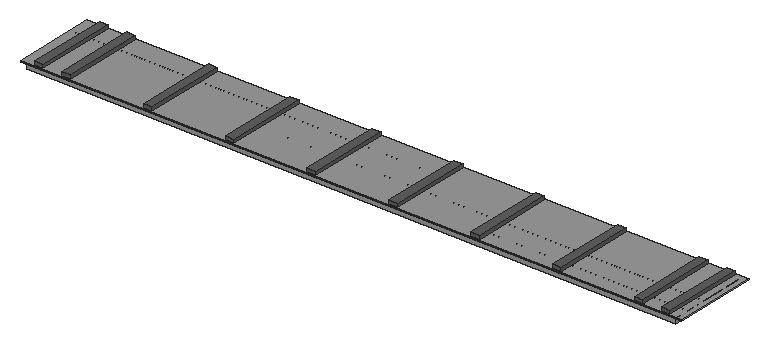
Revit family "9100-D", category Generic Models, host Ceiling, Revit 2020
Family settings
  Host = Ceiling
  Can host rebar = No
  Round Connector Dimension = Use Diameter
  Part Type = Normal
  Always vertical = Yes
  Cut with Voids When Loaded = No
  Shared = No
  Room Calculation Point = No
Parameters
  min_value [instance] = 1' - 11 1/4"  # constant formula
  max_value [instance] = 11' - 11 1/4"  # constant formula
  actual_value [instance] = if(NET LENGTH < min_value, min_value, if(NET LENGTH > max_value, max_value, NET LENGTH))  # 7' - 11 1/4"
  SCRIM MATERIAL [instance] = SCRIM
  SCRIM [instance] = yes
  IMPORTANT NOTE!!!                                                                             *Backer layout is for visualization purposes only, final layout to be determined by 9Wood. = ""
  Default Elevation = 0' - 0"
  BACKER MATERIAL [instance] = BLACK-BACKERS
  .. MEMBER MATERIAL [instance] = Solid Western Hemlock
  NET LENGTH [instance] = 7' - 11 1/4"
  .. MEMBER LENGTH [instance] = actual_value  # 7' - 11 1/4"
Reference planes (in)
  plane 1 "Center (Front/Back)": y = 0
  plane 2 "Ceiling": z = 96
  plane 3 "Center (Left/Right)": x = 0
Dimensions and locks (in)
  equal spacing: host sketch curve, plane 3 "Center (Left/Right)", host sketch curve
  equal spacing: host sketch curve, plane 1 "Center (Front/Back)", host sketch curve
  host sketch curve to host sketch curve = 10' - 0"  (x2)
  aligned and locked: host ceiling to nested 1
Nested families (in)
  nested 1: "9100-C SERIES CONFIG - 6 MEMBER" at (19.74957, -10.64453, 95.5), .. MEMBER LENGTH <- ".. MEMBER LENGTH", .. MEMBER MATERIAL <- ".. MEMBER MATERIAL", BACKING M MATERIAL <- "BACKER MATERIAL", SCRIM  MATERIAL <- "SCRIM MATERIAL", SCRIM <- "SCRIM", type "9100-C SERIES CONFIG - 6 MEMBER"
    with X 7' - 8", SCRIM OVERHANG 2 0' - 0 3/32", SCRIM OVERHANG 0' - 0 7/8", SCRIM LENGTH 8' - 1", SCRIM  MATERIAL SCRIM, SCRIM yes, NOMINAL LENGTH 6, N 8, Inset 6' - 0 3/8", INSET 0' - 1", INDEX 0' - 5 5/8", HYBRID SPACING 5 12' - 0", HYBRID SPACING 4 1' - 0 1/16", HYBRID SPACING 3 0' - 9 1/32", HYBRID SPACING 2 0' - 5 1/16", HYBRID SPACING 1 0' - 2 3/32", HYBRID DIM 3.25" 0' - 3 1/4", HYBRID DIM 2.25" 0' - 2 1/4", HYBRID DIM 1.375" 0' - 1 3/8", HYBRID DIM 0.625" 0' - 0 3/4", HALF MEMBER WIDTH 0' - 0 11/16", HALF LENGTH 3' - 11 5/8", END BACKER yes, BACKING M WIDTH 0' - 1 1/4", BACKING M OC SPACING 1' - 0", BACKING M MATERIAL BLACK-BACKERS, BACKING M LENGTH 0' - 11 7/8", BACKING M DEPTH 0' - 0 1/2", BACKING M COUNT 8, 3/16" INSET 0' - 0 3/16", .. MEMBER WIDTH 0' - 0 5/8", .. MEMBER OC SPACING 0' - 3", .. MEMBER MATERIAL Solid Western Hemlock, .. MEMBER LENGTH 7' - 11 1/4", .. MEMBER DEPTH 0' - 0 5/8", .. MEMBER COUNT 4
Definition of nested family "9100-C SERIES CONFIG - 6 MEMBER"
  Parameters (values of type "9100-C SERIES CONFIG - 6 MEMBER")
    X [instance] = .. MEMBER LENGTH - 0' 3 1/4"  # 6' - 8"
    SCRIM OVERHANG 2 [instance] = 0' - 0 3/32"  # constant formula
    SCRIM OVERHANG [instance] = 0' - 0 7/8"  # constant formula
    SCRIM LENGTH [instance] = .. MEMBER LENGTH + (SCRIM OVERHANG * 2)  # 7' - 1"
    SCRIM  MATERIAL [instance] = none
    SCRIM [instance] = yes
    NOMINAL LENGTH [instance] = 6
    N [instance] = if((X - (rounddown(X / 1' 0") * 1' 0")) > 1' 0", rounddown(X / 1' 0") + 2, rounddown(X / 1' 0") + 1)  # 7
    Inset [instance] = 6' - 0 3/8"  # constant formula
    INSET [instance] = 0' - 1"  # constant formula
    INDEX [instance] = (.. MEMBER LENGTH - ((N - 1) * 1' 0")) / 2  # 0' - 5 5/8"
    HYBRID SPACING 5 [instance] = 12' - 0"  # constant formula
    HYBRID SPACING 4 [instance] = 1' - 0 1/16"  # constant formula
    HYBRID SPACING 3 [instance] = 0' - 9 1/32"  # constant formula
    HYBRID SPACING 2 [instance] = 0' - 5 1/16"  # constant formula
    HYBRID SPACING 1 [instance] = 0' - 2 3/32"  # constant formula
    HYBRID DIM 3.25" [instance] = 0' - 3 1/4"  # constant formula
    HYBRID DIM 2.25" [instance] = 0' - 2 1/4"  # constant formula
    HYBRID DIM 1.375" [instance] = 0' - 1 3/8"  # constant formula
    HYBRID DIM 0.625" [instance] = 0' - 0 3/4"  # constant formula
    HALF MEMBER WIDTH [instance] = 0' 1 3/8" / 2  # 0' - 0 11/16"
    HALF LENGTH [instance] = .. MEMBER LENGTH / 2  # 3' - 5 5/8"
    END BACKER [instance] = INDEX > 0' 3 5/8"  # yes
    Default Elevation = 0' - 0"
    BACKING M WIDTH [instance] = 0' - 1 1/4"
    BACKING M MATERIAL [instance] = none
    BACKING M LENGTH [instance] = 0' - 11 7/8"
    BACKING M DEPTH [instance] = 0' - 0 1/2"
    BACKING M COUNT [instance] = N  # 7
    BACKING M OC SPACING [instance] = 1' - 0"  # constant formula
    3/16" INSET [instance] = 0' - 0 3/16"  # constant formula
    .. MEMBER WIDTH [instance] = 0' - 0 3/4"
    .. MEMBER OC SPACING [instance] = 1' 0" / .. MEMBER COUNT  # 0' - 3"
    .. MEMBER MATERIAL [instance] = none
    .. MEMBER LENGTH [instance] = 6' - 11 1/4"
    .. MEMBER DEPTH [instance] = 0' - 0 3/4"
    .. MEMBER COUNT [instance] = 4
  Reference planes (in)
    plane 1 "Center (Front/Back)": y = -2
    plane 2: z = 0
    plane 3 "Center (Left/Right)": x = 0
    plane 4: x = 1
    plane 5: x = 5.625
    plane 6: x = 41.625
    plane 7: x = 83.25
    plane 8: x = 82.25
    plane 9: x = 17.625
    plane 10: y = -1.8125
    plane 11: y = 0.09375
    plane 12: x = 84.125
    plane 13: x = -0.875
    plane 14: z = 0.11056
    plane 15: y = 3.0625
    plane 16: y = 7.03125
    plane 17: y = -1.3125
    plane 18: y = 10.0625
    plane 19: y = -2.09375
    plane 20: y = 10.0625
    plane 21: y = 10.15625
  Dimensions and locks (in)
    "INSET": plane 3 "Center (Left/Right)" to plane 4
    "INDEX": plane 3 "Center (Left/Right)" to plane 5
    "HALF LENGTH": plane 3 "Center (Left/Right)" to plane 6
    ".. MEMBER LENGTH": plane 3 "Center (Left/Right)" to plane 7
    "INSET": plane 8 to plane 7
    equal spacing: group 1, group 2, group 3, group 4, group 5, group 6, group 7  (x3)
    "3/16" INSET": plane 1 "Center (Front/Back)" to plane 10
    "SCRIM OVERHANG": plane 13 to plane 3 "Center (Left/Right)"
    "SCRIM OVERHANG": plane 7 to plane 12
    "BACKING M OC SPACING": plane 5 to plane 9
    "HYBRID SPACING 1": plane 1 "Center (Front/Back)" to plane 11
    "HYBRID SPACING 2": plane 1 "Center (Front/Back)" to plane 15
    "HYBRID SPACING 3": plane 1 "Center (Front/Back)" to plane 16
    "HALF MEMBER WIDTH": plane 1 "Center (Front/Back)" to plane 17
    "HYBRID SPACING 4": plane 1 "Center (Front/Back)" to plane 18
    "SCRIM OVERHANG 2": plane 21 to plane 20
    "SCRIM OVERHANG 2": plane 19 to plane 1 "Center (Front/Back)"
    aligned and locked: level to plane 2
    aligned and locked: plane 6 to nested 1
    aligned and locked: nested 2 to plane 4
    aligned and locked: plane 5 to nested 3
    aligned and locked: nested 2 to plane 10
    aligned and locked: nested 3 to plane 10
    aligned and locked: nested 5 to plane 10
    aligned and locked: nested 4 to plane 10
    aligned and locked: nested 8 to plane 13
    aligned and locked: nested 9 to plane 3 "Center (Left/Right)"  (x2)
    aligned and locked: plane 9 to nested 5
    aligned and locked: plane 8 to nested 4
    aligned and locked: plane 11 to nested 9
    aligned and locked: nested 13 to plane 16
    aligned and locked: nested 13 to plane 3 "Center (Left/Right)"
    aligned and locked: plane 3 "Center (Left/Right)" to nested 9
    aligned and locked: nested 1 to plane 3 "Center (Left/Right)"
    aligned and locked: nested 1 to plane 17
    aligned and locked: plane 3 "Center (Left/Right)" to nested 13
    aligned and locked: plane 3 "Center (Left/Right)" to nested 1
    aligned and locked: plane 20 to nested 7
    aligned and locked: nested 8 to plane 19
    aligned and locked: plane 21 to nested 8
    aligned and locked: nested 14 to plane 15
    aligned and locked: nested 14 to plane 3 "Center (Left/Right)"
  Nested families (in)
    nested 1: "INSTANCE - Parametric Cube" at (41.625, -1.3125, -0.0625), Length <- "HYBRID DIM 1.375"", Height <- "HYBRID DIM 0.625"", Width <- ".. MEMBER LENGTH", Material <- ".. MEMBER MATERIAL", type "INSTANCE - Parametric Cube"
      with Width 6' - 11 1/4", Material none, Length 0' - 1 3/8", Height 0' - 0 3/4"
    nested 2: "2ND INSTANCE - Parametric Cube" at (1.625, 4.125, 0), Height <- "BACKING M DEPTH", Length <- "BACKING M LENGTH", Width <- "BACKING M WIDTH", Material <- "BACKING M MATERIAL", visible <- "END BACKER", type "2ND INSTANCE - Parametric Cube"
      with Width 0' - 1 1/4", Material none, Length 0' - 11 7/8", Height 0' - 0 1/2"
    nested 3: "2ND INSTANCE - Parametric Cube" at (5.625, 4.125, 0), Length <- "BACKING M LENGTH", Height <- "BACKING M DEPTH", Width <- "BACKING M WIDTH", Material <- "BACKING M MATERIAL", type "2ND INSTANCE - Parametric Cube"
      with Width 0' - 1 1/4", Material none, Length 0' - 11 7/8", Height 0' - 0 1/2"
    nested 4: "2ND INSTANCE - Parametric Cube" at (81.625, 4.125, 0), Width <- "BACKING M WIDTH", Length <- "BACKING M LENGTH", Height <- "BACKING M DEPTH", Material <- "BACKING M MATERIAL", visible <- "END BACKER", type "2ND INSTANCE - Parametric Cube"
      with Width 0' - 1 1/4", Material none, Length 0' - 11 7/8", Height 0' - 0 1/2"
    nested 5: "2ND INSTANCE - Parametric Cube" at (17.625, 4.125, 0), Length <- "BACKING M LENGTH", Height <- "BACKING M DEPTH", Width <- "BACKING M WIDTH", Material <- "BACKING M MATERIAL", type "2ND INSTANCE - Parametric Cube"
      with Width 0' - 1 1/4", Material none, Length 0' - 11 7/8", Height 0' - 0 1/2"
    nested 6: "2ND INSTANCE - Parametric Cube" at (29.625, 4.125, 0), Length <- "BACKING M LENGTH", Height <- "BACKING M DEPTH", Width <- "BACKING M WIDTH", Material <- "BACKING M MATERIAL", type "2ND INSTANCE - Parametric Cube"
      with Width 0' - 1 1/4", Material none, Length 0' - 11 7/8", Height 0' - 0 1/2"
    nested 7: "2ND INSTANCE - Parametric Cube" at (41.625, 4.125, 0), Length <- "BACKING M LENGTH", Height <- "BACKING M DEPTH", Width <- "BACKING M WIDTH", Material <- "BACKING M MATERIAL", type "2ND INSTANCE - Parametric Cube"
      with Width 0' - 1 1/4", Material none, Length 0' - 11 7/8", Height 0' - 0 1/2"
    nested 8: "3RD INSTANCE - Parametric Cube" at (41.625, 4.03125, -0.0625), Width <- "SCRIM LENGTH", Material <- "SCRIM  MATERIAL", visible <- "SCRIM", type "3RD INSTANCE - Parametric Cube"
      with Width 7' - 1", Material none, Length 1' - 0 1/4", Height 0' - 0 1/16"
    nested 9: "INSTANCE - Parametric Cube" at (41.625, 1.21875, -0.0625), Length <- "HYBRID DIM 2.25"", Height <- "HYBRID DIM 0.625"", Width <- ".. MEMBER LENGTH", Material <- ".. MEMBER MATERIAL", type "INSTANCE - Parametric Cube"
      with Width 6' - 11 1/4", Material none, Length 0' - 2 1/4", Height 0' - 0 3/4"
    nested 10: "2ND INSTANCE - Parametric Cube" at (53.625, 4.125, 0), Length <- "BACKING M LENGTH", Height <- "BACKING M DEPTH", Width <- "BACKING M WIDTH", Material <- "BACKING M MATERIAL", type "2ND INSTANCE - Parametric Cube"
      with Width 0' - 1 1/4", Material none, Length 0' - 11 7/8", Height 0' - 0 1/2"
    nested 11: "2ND INSTANCE - Parametric Cube" at (65.625, 4.125, 0), Length <- "BACKING M LENGTH", Height <- "BACKING M DEPTH", Width <- "BACKING M WIDTH", Material <- "BACKING M MATERIAL", type "2ND INSTANCE - Parametric Cube"
      with Width 0' - 1 1/4", Material none, Length 0' - 11 7/8", Height 0' - 0 1/2"
    nested 12: "2ND INSTANCE - Parametric Cube" at (77.625, 4.125, 0), Length <- "BACKING M LENGTH", Height <- "BACKING M DEPTH", Width <- "BACKING M WIDTH", Material <- "BACKING M MATERIAL", type "2ND INSTANCE - Parametric Cube"
      with Width 0' - 1 1/4", Material none, Length 0' - 11 7/8", Height 0' - 0 1/2"
    nested 13: "INSTANCE - Parametric Cube" at (41.625, 8.15625, -0.0625), Length <- "HYBRID DIM 2.25"", Height <- "HYBRID DIM 0.625"", Width <- ".. MEMBER LENGTH", Material <- ".. MEMBER MATERIAL", type "INSTANCE - Parametric Cube"
      with Width 6' - 11 1/4", Material none, Length 0' - 2 1/4", Height 0' - 0 3/4"
    nested 14: "INSTANCE - Parametric Cube" at (41.625, 4.6875, -0.0625), Length <- "HYBRID DIM 3.25"", Height <- "HYBRID DIM 0.625"", Width <- ".. MEMBER LENGTH", Material <- ".. MEMBER MATERIAL", type "INSTANCE - Parametric Cube"
      with Width 6' - 11 1/4", Material none, Length 0' - 3 1/4", Height 0' - 0 3/4"
  Definition of nested family "INSTANCE - Parametric Cube"
    Parameters (values of type "INSTANCE - Parametric Cube")
      Width [instance] = 0' - 6"
      Material [instance] = none
      Length [instance] = 1' - 0"
      Height [instance] = 1' - 6"
      Default Elevation = 0' - 0"
    Reference planes (in)
      plane 1 "Center (Front/Back)": y = 0
      plane 2: z = 0
      plane 3 "Center (Left/Right)": x = 0
      plane 4: x = -3
      plane 5: x = 3
      plane 6: y = 6
      plane 7: y = -6
      plane 8: z = -18
    Forms (in)
      Extrusion 1, solid, material <- "Material"
        sketch origin (0, 0, 0) x (1, 0, 0) y (0, 1, 0)
          loop
            line (-3, 6) -> (-3, -6) -> (3, -6) -> (3, 6) -> (-3, 6)
        from -18 to 0
    Dimensions and locks (in)
      equal spacing: plane 4, plane 3 "Center (Left/Right)", plane 5
      equal spacing: plane 6, plane 1 "Center (Front/Back)", plane 7
      "Length": plane 6 to plane 7
      "Width": plane 4 to plane 5
      "Height": plane 8 to level
      aligned and locked: plane 2 to level
      aligned and locked: Extrusion 1 sketch curve to plane 6
      aligned and locked: plane 4 to Extrusion 1 sketch curve
      aligned and locked: plane 7 to Extrusion 1 sketch curve
      aligned and locked: Extrusion 1 sketch curve to plane 5
      aligned and locked: Extrusion 1 to plane 8
  Definition of nested family "2ND INSTANCE - Parametric Cube"
    Parameters (values of type "2ND INSTANCE - Parametric Cube")
      Width [instance] = 0' - 6"
      Material [instance] = none
      Length [instance] = 1' - 0"
      Height [instance] = 1' - 6"
      Default Elevation = 0' - 0"
    Reference planes (in)
      plane 1 "Center (Front/Back)": y = 0
      plane 2: z = 0
      plane 3 "Center (Left/Right)": x = 0
      plane 4: x = -3
      plane 5: x = 3
      plane 6: y = 6
      plane 7: y = -6
      plane 8: z = 18
    Forms (in)
      Extrusion 1, solid, material <- "Material"
        sketch origin (0, 0, 0) x (1, 0, 0) y (0, 1, 0)
          loop
            line (-3, 6) -> (-3, -6) -> (3, -6) -> (3, 6) -> (-3, 6)
        from 0 to 18
    Dimensions and locks (in)
      equal spacing: plane 4, plane 3 "Center (Left/Right)", plane 5
      equal spacing: plane 6, plane 1 "Center (Front/Back)", plane 7
      "Length": plane 6 to plane 7
      "Width": plane 4 to plane 5
      "Height": level to plane 8
      aligned and locked: plane 2 to level
      aligned and locked: Extrusion 1 sketch curve to plane 6
      aligned and locked: plane 4 to Extrusion 1 sketch curve
      aligned and locked: plane 7 to Extrusion 1 sketch curve
      aligned and locked: Extrusion 1 sketch curve to plane 5
      aligned and locked: plane 8 to Extrusion 1
      aligned and locked: Extrusion 1 to level
  Definition of nested family "3RD INSTANCE - Parametric Cube"
    Parameters (values of type "3RD INSTANCE - Parametric Cube")
      Width [instance] = 0' - 6"
      Material [instance] = none
      Length [instance] = 1' - 0"
      Height [instance] = 1' - 6"
      Default Elevation = 0' - 0"
    Reference planes (in)
      plane 1 "Center (Front/Back)": y = 0
      plane 2: z = 0
      plane 3 "Center (Left/Right)": x = 0
      plane 4: x = -3
      plane 5: x = 3
      plane 6: y = 6
      plane 7: y = -6
      plane 8: z = 18
    Forms (in)
      Extrusion 1, solid, material <- "Material"
        sketch origin (0, 0, 0) x (1, 0, 0) y (0, 1, 0)
          loop
            line (-3, 6) -> (-3, -6) -> (3, -6) -> (3, 6) -> (-3, 6)
        from 0 to 18
    Dimensions and locks (in)
      equal spacing: plane 4, plane 3 "Center (Left/Right)", plane 5
      equal spacing: plane 6, plane 1 "Center (Front/Back)", plane 7
      "Length": plane 6 to plane 7
      "Width": plane 4 to plane 5
      "Height": level to plane 8
      aligned and locked: plane 2 to level
      aligned and locked: Extrusion 1 sketch curve to plane 6
      aligned and locked: plane 4 to Extrusion 1 sketch curve
      aligned and locked: plane 7 to Extrusion 1 sketch curve
      aligned and locked: Extrusion 1 sketch curve to plane 5
      aligned and locked: plane 8 to Extrusion 1
      aligned and locked: Extrusion 1 to level
